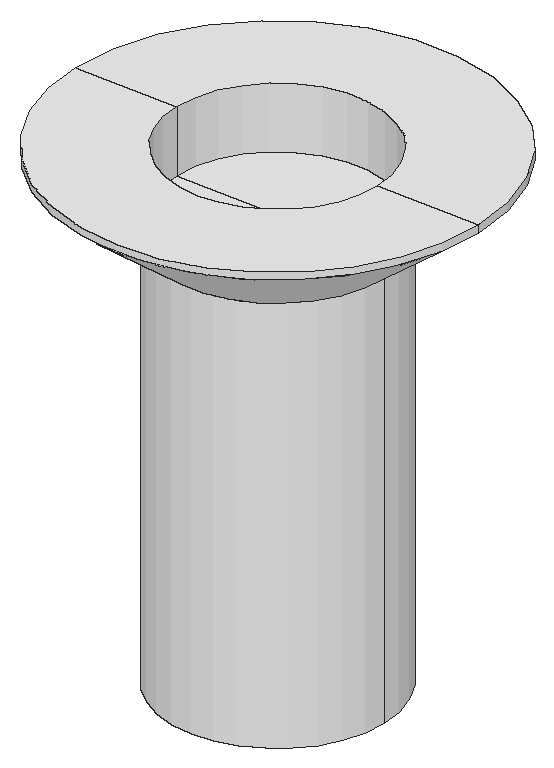
Revit family "Valvula_Escoamento", category Plumbing Fixtures, host Face, Revit 2025
Family settings
  Host = Face
  Round Connector Dimension = Use Diameter
  Part Type = Normal
  OmniClass Number = 23.45.00.00
  OmniClass Title = Sanitary, Laundry, and Cleaning Equipment
  Enable Cutting in Views = No
  Cut with Voids When Loaded = Yes
  Maintain Annotation Orientation = No
  Shared = Yes
  Room Calculation Point = No
Parameters (values of type "Válvula_Escoamento")
  Waste Connection = 1 = 0  # no
  WFU = 0  # constant formula
  Vent Connection = 1 = 0  # no
  URL = "http://www.celite.com.br"
  Selo de Qualidade ofcdesk = "Standard"  # constant formula
  Raio1 [instance] = 16 mm
  Raio2 [instance] = 30 mm
  Raio furo [instance] = 15 mm
  Model = Celite: Código  # "B5828C5CR3"
  Metais [instance] = CT_Cromados
  Manufacturer = Celite: Fabricante  # "Celite"
  L/Rosca [instance] = 59.5 mm
  HWFU = 0  # constant formula
  HW Connection = 1 = 0  # no
  Desenvolvido por = "ofcdesk"  # constant formula
  Description = Celite: Descrição  # "Válvula de escoamento para lavatório, 1\" sem ladrão com tampa plástica (B5828C5CR3), Complementos - Metais Celite"
  Default Elevation = 0 mm
  Comprimento [instance] = 70.5 mm
  Celite: Versão = "Autodesk Revit MEP 2014"  # constant formula
  Celite: Tipo = "Válvulas de escoamento"  # constant formula
  Celite: Produto = "Metais"  # constant formula
  Celite: Norma [instance] = "ABNT NBR 15423:2006 - Requisitos e métodos de ensaio"
  Celite: Link do Produto = "http://www.celite.com.br/pt/produtos/categoria/2/tipo/10/subtipo/19/"
  Celite: Linha = "Válvulas"  # constant formula
  Celite: Informações Técnicas = "N/A"
  Celite: Informações Gerais = "N/A"
  Celite: Fabricante = "Celite"  # constant formula
  Celite: Desenho Técnico = "http://www.celite.com.br/media/uploads/desenhos_tecnicos/A5828C5CR3_Valvula_de_escoamento_Lavatorio.pdf"
  Celite: Descrição = "Válvula de escoamento para lavatório, 1\" sem ladrão com tampa plástica (B5828C5CR3), Complementos - Metais Celite"
  Celite: Código = "B5828C5CR3"
  Celite: Cores Disponíveis = "Cromado"
  Celite: Copyright © = "© 2014 Celite"  # constant formula
  Celite: Categoria = "Complementos"  # constant formula
  CW Connection = 1 = 0  # no
  Assembly Code = "D2010"
Reference planes
  plane 1 "Center (Front/Back)": y = 0
  plane 2: z = 0
  plane 3 "Center (Left/Right)": x = 0
  plane 4: z = -70.5
  plane 5: z = -11
Forms (mm)
  Revolve 1, solid, material "CT_Cromados"
    sketch origin (0, 0, 0) x (1, 0, 0) y (0, 0, 1)
      loop
        line (0, -8.185) -> (-15, -8.185) -> (-15, 1) -> (-30, 1) -> (-30, 0) -> (-16, -11) -> (-16, -70.5) -> (0, -70.5) -> (0, -8.185)
      axis (0, 1) -> (0, -70.5)
    angle from 0 to 360
Dimensions and locks
  "Comprimento": level to plane 4
  "L/Rosca": plane 5 to plane 4
  "Raio1": plane 3 "Center (Left/Right)" to Revolve 1 sketch curve
  "Raio2": plane 3 "Center (Left/Right)" to Revolve 1 sketch curve
  locked: plane 2 to Revolve 1 sketch curve at 8.185
  "Raio furo": plane 3 "Center (Left/Right)" to Revolve 1 sketch curve
  aligned and locked: plane 2 to host face
  aligned and locked: level to host face
  aligned and locked: Revolve 1 sketch curve to plane 3 "Center (Left/Right)"  (x2)
  aligned and locked: plane 5 to Revolve 1 sketch curve
  aligned and locked: plane 4 to Revolve 1 sketch curve
  aligned and locked: level to Revolve 1 sketch curve
Automatic sketch dimensions
  host sketch curve to host sketch curve = 62.748 mm
  host sketch curve to host sketch curve = 64.299 mm
  Revolve 1 sketch curve to Revolve 1 sketch curve = 1 mm
  level to Revolve 1 sketch curve = 25 mm
  Revolve 1 sketch curve to Revolve 1 sketch curve = 60 mm
